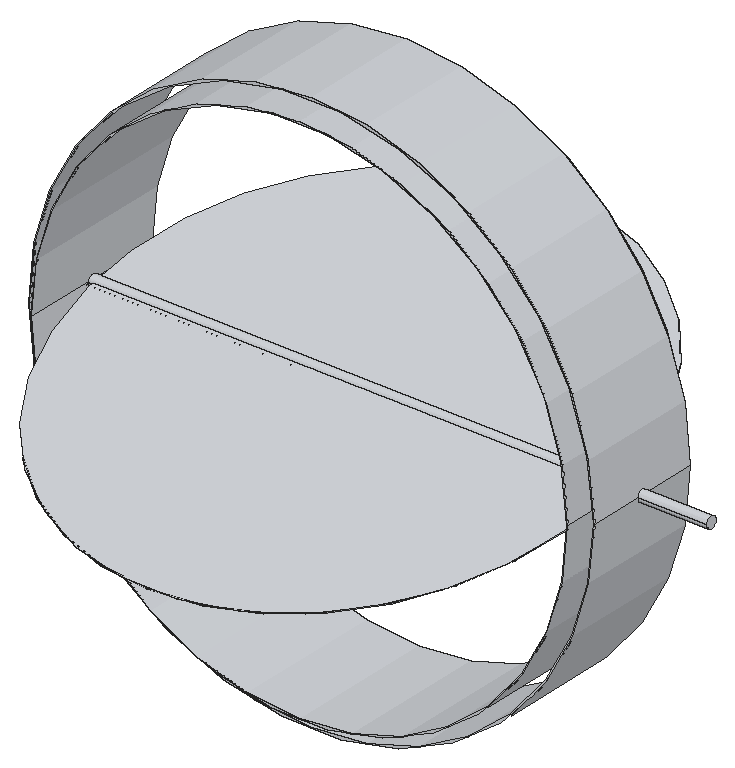
Revit family "DW", category Mechanical Equipment, Revit 2015
Parameters
  X [instance] = if(I.D. < 0' 10 115/128", 0' 5 7/16", 0' 7 7/16")  # 0' - 7 7/16"
  Void Radius [instance] = OD Radius - 0' 0 5/256"  # 1' - 6 251/256"
  URL = "https://unitedenertech.com/catalog/pdf/B_5%20DW.pdf"
  Type Comments = "Max. Size is (66\" I.D.)"
  OD Radius [instance] = 0.5 * O.D.  # 1' - 7"
  Model = "DW"
  Manufacturer = "United Enertech Corporation"
  Keynote = "Seal Bead and Shaft options set to visibility parameters, correct options and size will appear when loaded into project."
  Inner OD Radius [instance] = OD Radius - 0' 0 19/256"  # 1' - 6 237/256"
  O.D. [instance] = I.D. + 0' 2"  # 3' - 2"
  Inner ID Radius [instance] = ID Radius - 0' 0 15/256"  # 1' - 5 241/256"
  ID Radius [instance] = 0.5 * I.D.  # 1' - 6"
  I.D. = 3' - 0"
  Description = "Dual Wall Round Damper"
  Depth = 0' - 8"
  Blade Radius [instance] = Inner ID Radius - 0' 0 3/8"  # 1' - 5 145/256"
  Bead 2 Visibility [instance] = if(and(I.D. > 0' 10 115/128", I.D. < 2' 11 115/128"), 2 > 1, 1 > 2)  # no
  Bead 1 Visibility [instance] = if(I.D. < 0' 10 115/128", 2 > 1, 1 > 2)  # no
  3/4" Shaft Visibility [instance] = if(I.D. > 2' 10 115/128", 2 > 1, 1 > 2)  # yes
  1/2" Shaft Visibility [instance] = if(I.D. < 2' 10 115/128", 2 > 1, 1 > 2)  # no
Reference planes (in)
  plane 1 "Center (Front/Back)": y = 0
  plane 2: z = 0
  plane 3 "Center (Left/Right)": x = 0
  plane 4: x = -19
  plane 5: x = 19
  plane 6: y = 8
  plane 7: y = 7.71875
  plane 8: x = -19.6
  plane 9: x = -17.1
  plane 10: x = 17.1
  plane 11: x = 23.64655
  plane 12: x = 19.14655
  plane 13: x = 19.27155
  plane 14: y = 4
  plane 15: y = 0.28125
  plane 16: y = 9
  plane 17: y = -1
  plane 18: x = -18
  plane 19: x = 18
Forms (in)
  Extrusion 1, solid
    sketch origin (0, 0, 0) x (1, 0, 0) y (0, 0, 1)
      loop
        circle (0, 0) r 19
      loop
        circle (0, 0) r 18.92578
    from 0 to -8
  Sweep 2, solid, visible <- "Bead 1 Visibility"
    path origin (0, 1, 0) x (1, 0, 0) y (0, 0, 1)
      loop
        circle (0, 0) r 19
    profile "Bead Sweep : Bead Sweep" origin (0, 1, 19) x (0, 0, -1) y (0, -1, 0)
      loop
        arc (0, -0.00225) -> (-0.12, -0.28125) -> (0, -0.56025) r 0.38434
        line (0, -0.56025) -> (0, -0.00225)
  Sweep 3, solid, visible <- "Bead 1 Visibility"
    path origin (0, 7, 0) x (1, 0, 0) y (0, 0, 1)
      loop
        circle (0, 0) r 19
    profile "Bead Sweep : Bead Sweep" origin (0, 7, 19) x (0, 0, -1) y (0, -1, 0)
      loop
        arc (0, 0.56025) -> (-0.12, 0.28125) -> (0, 0.00225) r 0.38434
        line (0, 0.00225) -> (0, 0.56025)
  Extrusion 4, solid
    sketch origin (0, 2.24597, 3.8637) x (1, 0, 0) y (0, 0.965926, 0.258819)
      loop
        circle (0, 0) r 17.56641
    from -4.01795 to -3.98205
  Extrusion 5, solid, visible <- "1/2" Shaft Visibility"
    sketch origin (0, -0.71875, 0) x (0, 1, 0) y (0, 0, 1)
      loop
        circle (4.71875, 0) r 0.25
    from -19.6 to 23.64655
  Extrusion 6, solid, visible <- "3/4" Shaft Visibility"
    sketch origin (0, -0.71875, 0) x (0, 1, 0) y (0, 0, 1)
      loop
        circle (4.71875, 0) r 0.375
    from -19.6 to 23.64655
  Sweep 7, solid, visible <- "Bead 2 Visibility"
    path origin (0, 6, 0) x (1, 0, 0) y (0, 0, 1)
      loop
        circle (0, 0) r 19
    profile "Bead Sweep : Bead Sweep" origin (0, 6, 19) x (0, 0, -1) y (0, -1, 0)
      loop
        arc (0, -1.43975) -> (-0.12, -1.71875) -> (0, -1.99775) r 0.38434
        line (0, -1.99775) -> (0, -1.43975)
  Sweep 8, solid, visible <- "Bead 2 Visibility"
    path origin (0, 3.25, 0) x (1, 0, 0) y (0, 0, 1)
      loop
        circle (0, 0) r 19
    profile "Bead Sweep : Bead Sweep" origin (0, 3.25, 19) x (0, 0, -1) y (0, -1, 0)
      loop
        arc (0, 3.24775) -> (-0.12, 2.96875) -> (0, 2.68975) r 0.38434
        line (0, 2.68975) -> (0, 3.24775)
  Extrusion 9, solid
    sketch origin (0, 0, 0) x (1, 0, 0) y (0, 0, 1)
      loop
        circle (0, 0) r 18
      loop
        circle (0, 0) r 17.94141
    from -9 to 1
Dimensions and locks (in)
  equal spacing: plane 4, plane 3 "Center (Left/Right)", plane 5
  "O.D.": plane 4 to plane 5
  "Depth": plane 6 to plane 1 "Center (Front/Back)"
  locked: plane 8 to plane 4 at 0.6
  locked: plane 4 to plane 9 at 1.9
  locked: plane 10 to plane 5 at 1.9
  locked: plane 5 to plane 11 at 4.64655
  locked: plane 5 to plane 12 at 0.14655
  locked: plane 5 to plane 13 at 0.27155
  equal spacing: plane 6, plane 14, plane 1 "Center (Front/Back)"
  equal spacing: plane 7, plane 14, plane 15
  "X": plane 7 to plane 15
  locked: plane 1 "Center (Front/Back)" to plane 17 at 1
  locked: plane 16 to plane 6 at 1
  equal spacing: plane 18, plane 3 "Center (Left/Right)", plane 19
  "I.D.": plane 18 to plane 19
  "Inner OD Radius": radius of Extrusion 1 sketch curve
  "OD Radius": radius of Extrusion 1 sketch curve
  "OD Radius": radius of Sweep 2 sketch curve
  "OD Radius": radius of Sweep 3 sketch curve
  "Blade Radius": radius of Extrusion 4 sketch curve
  "OD Radius": radius of Sweep 7 sketch curve
  "OD Radius": radius of Sweep 8 sketch curve
  "ID Radius": radius of Extrusion 9 sketch curve
  "Inner ID Radius": radius of Extrusion 9 sketch curve
  aligned and locked: level to plane 2
  aligned and locked: plane 6 to Extrusion 1
  aligned and locked: plane 1 "Center (Front/Back)" to Extrusion 1
  aligned and locked: plane 8 to Extrusion 5
  aligned and locked: Extrusion 5 to plane 11
  aligned and locked: plane 8 to Extrusion 6
  aligned and locked: Extrusion 6 to plane 11
  aligned and locked: Extrusion 9 to plane 16
  aligned and locked: Extrusion 9 to plane 17
Automatic sketch dimensions
  Extrusion 5 sketch curve to level = 0' - 0"
  plane 14 to Extrusion 5 sketch curve = 0' - 0"
  Extrusion 6 sketch curve to level = 0' - 0"
  plane 14 to Extrusion 6 sketch curve = 0' - 0"
  Extrusion 1 sketch curve to Extrusion 1 sketch curve = 0' - 0"  (x2)
  Extrusion 1 sketch curve to level = 0' - 0"
  Extrusion 1 sketch curve to plane 3 "Center (Left/Right)" = 0' - 0"
  Sweep 2 sketch curve to level = 0' - 0"
  Sweep 2 sketch curve to plane 3 "Center (Left/Right)" = 0' - 0"
  Sweep 3 sketch curve to level = 0' - 0"
  Sweep 3 sketch curve to plane 3 "Center (Left/Right)" = 0' - 0"
  Extrusion 4 sketch curve to plane 3 "Center (Left/Right)" = 0' - 0"
  Sweep 7 sketch curve to level = 0' - 0"
  Sweep 7 sketch curve to plane 3 "Center (Left/Right)" = 0' - 0"
  Sweep 8 sketch curve to level = 0' - 0"
  Sweep 8 sketch curve to plane 3 "Center (Left/Right)" = 0' - 0"
  Extrusion 9 sketch curve to Extrusion 9 sketch curve = 0' - 0"  (x2)
  Extrusion 9 sketch curve to level = 0' - 0"
  Extrusion 9 sketch curve to plane 3 "Center (Left/Right)" = 0' - 0"
  radius of Extrusion 5 sketch curve = 0' - 0 1/4"
  radius of Extrusion 6 sketch curve = 0' - 0 3/8"
